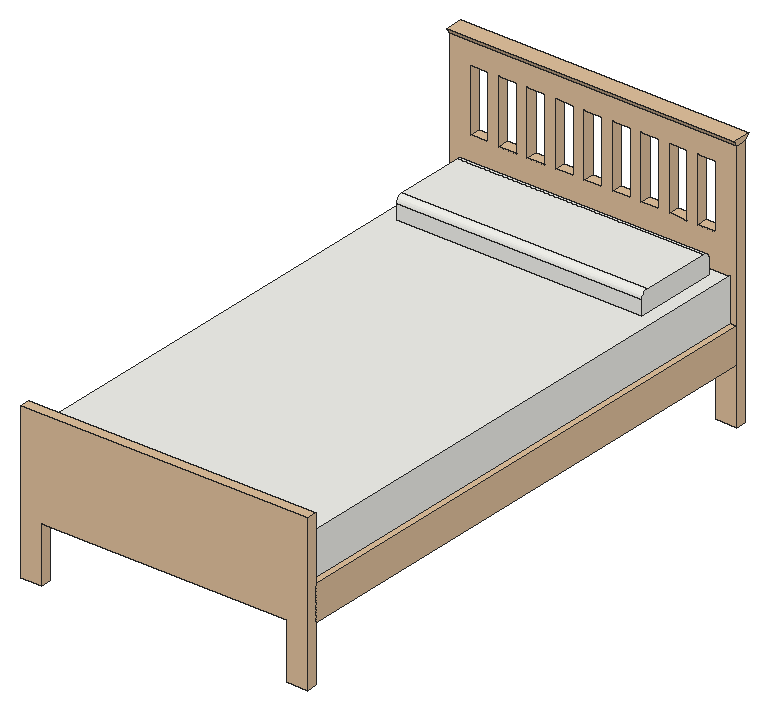
Revit family
Parameters (values of type "1040 x 1981mm - Twin")
  Frame Material = Wood - Birch
  Length = 1981.20 mm
  Mattress Material = Textile - White
  Width = 1041.40 mm
Types (5, lengths in mm): name | Length | Width
  (no name) | 1981.20 | 1041.40
  1422 x 1981mm - Double | 1981.20 | 1422.40
  1040 x 1981mm - Twin | 1981.20 | 1041.40
  1575 x 2108mm - Queen | 2108.20 | 1574.80
  1981 x 2108mm - King | 2108.20 | 1981.20
Reference planes
  plane 1 "Back": y = 0
  plane 2: z = 0
  plane 3 "Center (Left/Right)": x = -19.05
  plane 4: x = -539.75
  plane 5: x = 501.65
  plane 6 "Front": y = -1981.2
  plane 7: z = 914.4
  plane 8: z = 482.6
  plane 9: x = 463.55
Forms (mm)
  Extrusion 1, solid, material "Wood - Birch" <- "Frame Material"
    sketch origin (0, 0, 0) x (1, 0, 0) y (0, 0, 1)
      loop
        line (-539.537, 914.4) -> (-539.537, 0) -> (-463.55, 0) -> (-463.55, 203.2) -> (425.45, 203.2) -> (425.45, 0) -> (501.917, 0) -> (501.917, 914.4) -> (-539.537, 914.4)
      loop
        line (-463.55, 838.2) -> (-463.55, 609.6) -> (-398.639, 609.6) -> (-398.639, 838.2) -> (-463.55, 838.2)
      loop
        line (-360.539, 838.2) -> (-360.539, 609.6) -> (-295.628, 609.6) -> (-295.628, 838.2) -> (-360.539, 838.2)
      loop
        line (-257.528, 838.2) -> (-257.528, 609.6) -> (-192.617, 609.6) -> (-192.617, 838.2) -> (-257.528, 838.2)
      loop
        line (-154.517, 838.2) -> (-154.517, 609.6) -> (-89.606, 609.6) -> (-89.606, 838.2) -> (-154.517, 838.2)
      loop
        line (51.506, 838.2) -> (51.506, 609.6) -> (116.417, 609.6) -> (116.417, 838.2) -> (51.506, 838.2)
      loop
        line (154.517, 838.2) -> (154.517, 609.6) -> (219.428, 609.6) -> (219.428, 838.2) -> (154.517, 838.2)
      loop
        line (257.528, 838.2) -> (257.528, 609.6) -> (322.439, 609.6) -> (322.439, 838.2) -> (257.528, 838.2)
      loop
        line (360.539, 838.2) -> (360.539, 609.6) -> (425.45, 609.6) -> (425.45, 838.2) -> (360.539, 838.2)
      loop
        line (-51.506, 838.2) -> (-51.506, 609.6) -> (13.406, 609.6) -> (13.406, 838.2) -> (-51.506, 838.2)
    from 0 to 38.1
  Extrusion 2, solid, material "Wood - Birch" <- "Frame Material"
    sketch origin (0, -1981.2, 0) x (1, 0, 0) y (0, 0, 1)
      loop
        line (-539.75, 0) -> (-463.55, 0) -> (-463.55, 203.2) -> (425.45, 203.2) -> (425.45, 0) -> (501.65, 0) -> (501.65, 558.8) -> (-539.75, 558.8) -> (-539.75, 0)
    from 0 to -38.1
  Extrusion 3, solid, material "Wood - Birch" <- "Frame Material"
    sketch origin (0, 0, 0) x (0, -1, 0) y (0, 0, 1)
      loop
        line (38.1, 203.576) -> (1943.1, 203.576) -> (1943.1, 330.576) -> (38.1, 330.576) -> (38.1, 203.576)
    from 514.35 to 539.75
  Extrusion 4, solid, material "Wood - Birch" <- "Frame Material"
    sketch origin (501.65, 0, 0) x (0, -1, 0) y (0, 0, 1)
      loop
        line (1943.1, 203.099) -> (1943.1, 330.099) -> (38.1, 330.099) -> (38.1, 203.099) -> (1943.1, 203.099)
    from 0 to 25.4
  Extrusion 5, solid, material "Textile - White" <- "Mattress Material"
    sketch origin (0, 0, 0) x (1, 0, 0) y (0, 1, 0)
      loop
        line (-514.35, -38.1) -> (-514.35, -1943.1) -> (476.25, -1943.1) -> (476.25, -38.1) -> (-514.35, -38.1)
    from 228.6 to 482.6
  Extrusion 6, solid, material "Textile - White" <- "Mattress Material"
    sketch origin (-539.75, 0, 0) x (0, -1, 0) y (0, 0, 1)
      loop
        line (68.449, 482.6) -> (373.249, 482.6) -> (373.249, 533.4)
        arc (373.249, 533.4) -> (365.809, 551.361) -> (347.849, 558.8) r 25.4
        line (347.849, 558.8) -> (93.849, 558.8)
        arc (93.849, 558.8) -> (75.888, 551.361) -> (68.449, 533.4) r 25.4
        line (68.449, 533.4) -> (68.449, 482.6)
    from -965.2 to -76.2
  Sweep 7, solid, material "Wood - Birch" <- "Frame Material"
    path origin (0, 0, 0) x (1, 0, 0) y (0, 1, 0)
      loop
        line (-539.537, 0) -> (501.917, 0)
    profile origin (-18.81, 0, 0) x (0, 1, 0) y (0, 0, 1)
      loop
        line (0, 914.4) -> (13.855, 933.45) -> (-51.955, 933.45) -> (-38.1, 914.4) -> (0, 914.4)
Lines and regions (mm)
  symbolic lines
    curve 1: line (501.65, -1981.2, 0) -> (-539.537, -1981.2, 0)
    curve 2: line (501.65, 0, 0) -> (501.65, -1981.2, 0)
    curve 3: line (-539.537, 0, 0) -> (501.65, 0, 0)
    curve 4: line (-539.537, -1981.2, 0) -> (-539.537, 0, 0)
    curve 5: line (501.65, -1943.1, 0) -> (-539.537, -1943.1, 0)
    curve 6: line (501.65, -51.955, 0) -> (-539.537, -51.955, 0)
    curve 7: line (425.45, -373.249, 0) -> (-463.55, -373.249, 0)
    curve 8: line (425.45, -68.449, 0) -> (425.45, -373.249, 0)
    curve 9: line (-463.55, -68.449, 0) -> (425.45, -68.449, 0)
    curve 10: line (-463.55, -373.249, 0) -> (-463.55, -68.449, 0)
Dimensions and locks
  equal spacing: plane 4, plane 3 "Center (Left/Right)", plane 5
  "Width": plane 4 to plane 5
  "Length": plane 6 "Front" to plane 1 "Back"
  locked: Extrusion 1 sketch curve to Extrusion 1 sketch curve at 75.987
  locked: Extrusion 1 sketch curve to Extrusion 1 sketch curve at 38.1  (x8)
  plane 2 to plane 7 = 914.40 mm
  Extrusion 1 to plane 1 "Back" = 38.10 mm
  locked: Extrusion 3 to plane 4 at 25.4  (x2)
  locked: plane 6 "Front" to Extrusion 3 sketch curve at 38.1
  locked: Extrusion 3 sketch curve to plane 1 "Back" at 38.1
  locked: plane 6 "Front" to Extrusion 4 sketch curve at 38.1
  locked: Extrusion 4 sketch curve to plane 1 "Back" at 38.1
  locked: Extrusion 4 to Extrusion 4 at 25.4
  locked: Extrusion 4 to plane 5 at 25.4
  locked: Extrusion 5 sketch curve to Extrusion 1 at 38.1
  locked: plane 6 "Front" to Extrusion 5 sketch curve at 38.1
  equal spacing: Extrusion 1 sketch curve, plane 3 "Center (Left/Right)", Extrusion 1 sketch curve
  equal spacing: plane 9, Extrusion 1 sketch curve, Extrusion 1 sketch curve, Extrusion 1 sketch curve, Extrusion 1 sketch curve, Extrusion 1 sketch curve, Extrusion 1 sketch curve, Extrusion 1 sketch curve, Extrusion 1 sketch curve, Extrusion 1 sketch curve
  locked: plane 9 to plane 5 at 38.1
  locked: plane 5 to Extrusion 1 sketch curve at 76.2
  aligned and locked: plane 7 to Extrusion 1 sketch curve
  aligned and locked: plane 4 to Extrusion 2 sketch curve
  aligned and locked: Extrusion 2 sketch curve to plane 5
  aligned and locked: plane 4 to Extrusion 3
  aligned and locked: Extrusion 1 to Extrusion 6
  aligned and locked: Extrusion 6 to Extrusion 1
  aligned and locked: Sweep 7 sketch curve to Extrusion 1  (x3)
Automatic sketch dimensions
  Extrusion 1 sketch curve to level = 0.00 mm  (x2)
  Extrusion 1 sketch curve to plane 4 = 76.20 mm
  plane 5 to Extrusion 1 sketch curve = 76.20 mm
  level to Extrusion 1 sketch curve = 203.20 mm
  level to Extrusion 1 sketch curve = 609.60 mm
  Extrusion 1 sketch curve to Extrusion 1 sketch curve = 0.00 mm  (x12)
  Extrusion 1 sketch curve to Extrusion 1 sketch curve = 304.80 mm  (x2)
  plane 7 to Extrusion 1 sketch curve = 76.20 mm  (x3)
  Extrusion 1 sketch curve to plane 5 = 0.267 mm
  Extrusion 2 sketch curve to level = 0.00 mm  (x2)
  Extrusion 2 sketch curve to plane 4 = 76.20 mm
  Extrusion 2 sketch curve to Extrusion 2 sketch curve = 76.20 mm
  level to Extrusion 2 sketch curve = 203.20 mm
  Extrusion 2 sketch curve to Extrusion 2 sketch curve = 355.60 mm
  level to Extrusion 3 sketch curve = 203.576 mm
  Extrusion 3 sketch curve to Extrusion 3 sketch curve = 127.00 mm
  level to Extrusion 4 sketch curve = 203.099 mm
  Extrusion 4 sketch curve to Extrusion 4 sketch curve = 127.00 mm
  Extrusion 5 sketch curve to plane 4 = 25.40 mm
  plane 5 to Extrusion 5 sketch curve = 25.40 mm
  Sweep 7 sketch curve to profile plane = 0.00 mm
  profile plane to Sweep 7 sketch curve = 38.10 mm
  Sweep 7 sketch curve to Sweep 7 sketch curve = 13.855 mm
  Sweep 7 sketch curve to profile plane = 13.855 mm
  level to Sweep 7 sketch curve = 914.40 mm
  Sweep 7 sketch curve to Sweep 7 sketch curve = 19.05 mm
  Extrusion 6 sketch curve to plane 8 = 0.00 mm
  plane 1 "Back" to Extrusion 6 sketch curve = 68.449 mm
  Extrusion 6 sketch curve to Extrusion 6 sketch curve = 25.40 mm  (x2)
  plane 8 to Extrusion 6 sketch curve = 50.80 mm
  Extrusion 6 sketch curve to Extrusion 6 sketch curve = 254.00 mm
  curve 1 to plane 6 "Front" = 0.00 mm
  curve 3 to plane 1 "Back" = 0.00 mm
  curve 2 to plane 5 = 0.00 mm
  plane 5 to curve 8 = 76.20 mm
  curve 7 to plane 4 = 76.20 mm
  curve 4 to plane 4 = 0.213 mm
  curve 5 to plane 6 "Front" = 38.10 mm
  plane 1 "Back" to curve 7 = 373.249 mm
  plane 1 "Back" to curve 9 = 68.449 mm
  curve 6 to curve 3 = 51.955 mm
